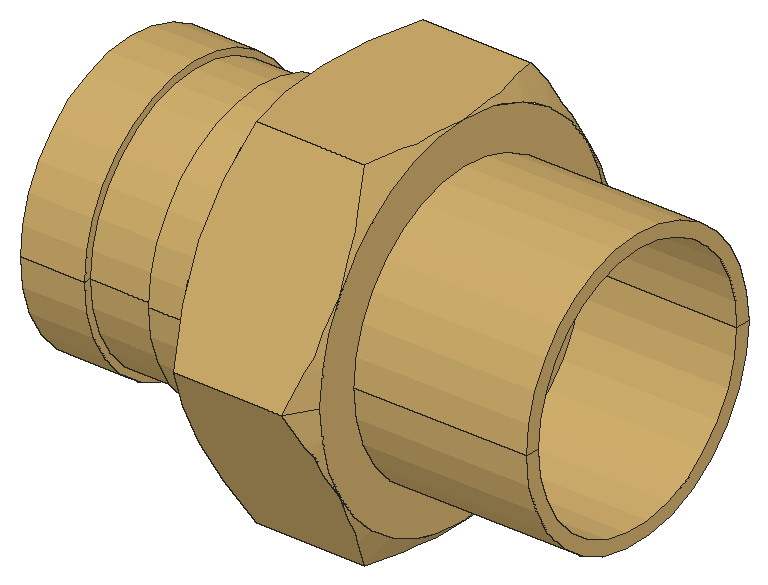
Revit family "PEX_Conector_Mach", category Pipe Fittings, Revit 2025
Family settings
  Round Connector Dimension = Use Radius
  Part Type = Cap
  OmniClass Number = 23.60.30.11.14
  OmniClass Title = Pipework Fittings
  Work Plane-Based = No
  Always vertical = Yes
  Cut with Voids When Loaded = No
  Shared = No
Parameters
  URL = "https://www.ultrapex.com.br/_files/ugd/9f3173_32d47a29bbff48b5af4781a5d529eee8.pdf"
  ULTRAPEX: Versão = "01"  # constant formula
  ULTRAPEX: Norma Técnica = "NBR 15939"  # constant formula
  ULTRAPEX: Descrição [instance] = size_lookup(LookupTable, "DES", "Produto Inexistente", DN1, DN2)  # "Conector Macho 16x1/2\" - ULTRAPEX"
  ULTRAPEX: Código [instance] = size_lookup(LookupTable, "COD", 0, DN1, DN2)  # 9031612
  Type Image = Conector Macho.jpg
  RN2 [instance] = 10 mm
  RN1 [instance] = 8 mm
  Material = Latão - Ultrapex
  LookupTable [instance] = "Conector Macho - ULTRAPEX"
  Lado Conector [instance] = 2 * ((Cota A / 2) * cos(60.00°))  # 15.05 mm
  IfcExportAs = "IfcPipeFittingType.CONNECTOR"  # constant formula
  Manufacturer = "UltraPEX"  # constant formula
  Default Elevation = 0 mm
  Description = "Conector Macho - ULTRAPEX"
  RR2 [instance] = DN2 / 2  # 10.05 mm
  DN3 [instance] = ((Cota A / 2) * sin(60.00°))  # 13.034 mm
  DN2 Nominal [instance] = RN2 * 2  # 20 mm
  DN2 [instance] = if(DN2 Nominal = 20 mm, 20.1 mm, if(DN2 Nominal = 25 mm, 26.4 mm, if(DN2 Nominal = 32 mm, 33.4 mm, 20 mm)))  # 20.1 mm
  DN1 [instance] = RN1 * 2  # 16 mm
  Cota E [instance] = Cota B - Cota C - Cota D  # 10.2 mm
  Cota D [instance] = size_lookup(LookupTable, "D", 14 mm, DN1)  # 14 mm
  Cota C [instance] = size_lookup(LookupTable, "C", 12.6 mm, DN1, DN2)  # 12.6 mm
  Cota B [instance] = size_lookup(LookupTable, "B", 36.8 mm, DN1, DN2)  # 36.8 mm
  Cota A [instance] = size_lookup(LookupTable, "A", 25.6 mm, DN1, DN2)  # 30.1 mm
Reference planes
  plane 1 "Centro (Frente/Trás)": y = 0
  plane 2: z = 0
  plane 3 "Centro (Esquerda/Direita)": x = 0
  plane 4: x = 10.2
  plane 5: x = 22.8
Forms (mm)
  Revolve 1, solid, material "Latão - Ultrapex" <- "Material", detail levels fine
    sketch origin (17.307, 0, 0) x (0, 1, 0) y (-1, 0, 0)
      loop
        line (10.05, -5.493) -> (10.05, 7.107) -> (0, 7.107) -> (0, 5.822) -> (9.05, 5.822) -> (9.05, -5.493) -> (10.05, -5.493)
      axis (0, 7.107) -> (0, -5.493)
    angle from 0 to 360
  Extrusion 2, solid, material "Latão - Ultrapex" <- "Material", detail levels fine
    sketch origin (0, 0, 0) x (0, 1, 0) y (0, 0, 1)
      loop
        line (7.525, -13.034) -> (15.05, 0) -> (7.525, 13.034) -> (-7.525, 13.034) -> (-15.05, 0) -> (-7.525, -13.034) -> (7.525, -13.034)
    from 0 to 10.2 <- "Cota E"
  Sweep 3, void, detail levels fine
    path origin (0, 0, 0) x (0, 1, 0) y (0, 0, 1)
      loop
        circle (0, 0) r 13.034
    profile origin (0, 0, 13.034) x (0, 0, -1) y (1, 0, 0)
      loop
        line (2.015, -1.163) -> (-3.182, 1.837) -> (-3.182, -1.163) -> (2.015, -1.163)
  Sweep 4, void, detail levels fine
    path origin (10.2, -10.707, 4000) x (0, -1, 0) y (0, 0, 1)
      loop
        circle (-10.707, -4000) r 13.034
    profile origin (10.2, 0, -13.034) x (0, 0, -1) y (-1, 0, 0)
      loop
        line (-2.015, -1.163) -> (3.509, -1.163) -> (3.509, 2.026) -> (-2.015, -1.163)
Cuts and joins
  Sweep 3, Sweep 4 cuts Extrusion 2
Lines and regions (mm)
  model lines, style "PipeFittingCenterLine", detail levels coarse+medium
    curve 1: line (22.8, 0, 0) -> (0, 0, 0)
Dimensions and locks
  "Lado Conector": Extrusion 2 sketch curve to Extrusion 2 sketch curve  (x5)
  Extrusion 2 sketch curve to Extrusion 2 sketch curve = 15.05 mm
  "Cota C": plane 4 to plane 5
  locked: plane 4 to Revolve 1 sketch curve at 1.285
  equal spacing: Extrusion 2 sketch curve, plane 2, Extrusion 2 sketch curve
  locked: Revolve 1 sketch curve to Revolve 1 sketch curve at 1
  "Cota E": plane 3 "Centro (Esquerda/Direita)" to plane 4
  equal spacing: Extrusion 2 sketch curve, plane 1 "Centro (Frente/Trás)", Extrusion 2 sketch curve
  "RR2": plane 1 "Centro (Frente/Trás)" to Revolve 1 sketch curve
  "DN3": radius of Sweep 3 sketch curve
  "DN3": radius of Sweep 4 sketch curve
  locked: Extrusion 2 sketch curve to Extrusion 2 sketch curve (angle 120.00°)  (x4)
  angle Extrusion 2 sketch curve to Extrusion 2 sketch curve = 120.00°
  aligned and locked: plane 2 to level
  aligned and locked: plane 4 to Revolve 1 sketch curve
  aligned and locked: plane 5 to curve 1
  aligned and locked: plane 1 "Centro (Frente/Trás)" to curve 1
  aligned and locked: Revolve 1 sketch curve to plane 5
  aligned and locked: plane 3 "Centro (Esquerda/Direita)" to nested 1
Automatic sketch dimensions
  curve 1 to plane 3 "Centro (Esquerda/Direita)" = 0 mm
  profile plane to Sweep 3 sketch curve = 3.182 mm
  Sweep 3 sketch curve to profile plane = 2.015 mm
  Sweep 3 sketch curve to profile plane = 1.163 mm
  profile plane to Sweep 3 sketch curve = 1.837 mm
  profile plane to Sweep 4 sketch curve = 2.015 mm
  Sweep 4 sketch curve to profile plane = 1.163 mm
  Sweep 4 sketch curve to profile plane = 3.509 mm
  profile plane to Sweep 4 sketch curve = 2.026 mm
  plane 1 "Centro (Frente/Trás)" to Revolve 1 sketch curve = 0 mm  (x2)
  Revolve 1 sketch curve to plane 4 = 0 mm
  Revolve 1 sketch curve to plane 5 = 0.184 mm
  Extrusion 2 sketch curve to level = 0 mm
  Sweep 3 sketch curve to level = 0 mm
  Sweep 3 sketch curve to plane 1 "Centro (Frente/Trás)" = 0 mm
  Sweep 4 sketch curve to level = 0 mm
  Sweep 4 sketch curve to plane 1 "Centro (Frente/Trás)" = 0 mm
Nested families
  nested 1: "Anel Deslizante - ULTRAPEX" at (0, 0, 0) x (0, 1, 0) z (0, 0, 1), Diâmetro Nominal <- "DN1", type "Anel Deslizante - ULTRAPEX"
    with ULTRAPEX: Descrição "Anel Deslizante 16 mm - ULTRAPEX", ULTRAPEX: Código 9040016, Diâmetro Nominal 16 mm, DN 16 mm, Cota C 4.667 mm, Cota B 14 mm, Cota A 20 mm
Connectors
  piping at (0, 0, 0), diameter 16, driven by "RN1"
    settings: on nested 1, index 1, connector inside diameter 609.6 mm, connector length 0 mm, flow factor 0, pipe flow 0.0 L/s, pressure drop 0.0 Pa, fitting loss kfactor 0, connector angle 0.00°, fixture units 0, engagement length 0 mm, angle of deflection 0.00°, flow configuration 0, flow direction 0, fitting loss method 0, system type 28, joint type 0, gender type 0, connector reference index 2, connector utility 0, adjustable connector no, is connector primary yes, connector description ""
  piping at (22.8, 0, 0), diameter 20, driven by "RN2"
    settings: on Revolve 1, index 2, connector inside diameter 609.6 mm, connector length 0 mm, flow factor 0, pipe flow 0.0 L/s, pressure drop 0.0 Pa, fitting loss kfactor 0, connector angle 0.00°, fixture units 0, engagement length 0 mm, angle of deflection 0.00°, flow configuration 0, flow direction 0, fitting loss method 0, system type 28, joint type 0, gender type 0, connector reference index 1, connector utility 0, adjustable connector no, is connector primary no, connector description ""
Definition of nested family "Anel Deslizante - ULTRAPEX"
  Parameters (values of type "ANEL DESLIZANTE 16mm")
    URL = "https://www.ultrapex.com.br/_files/ugd/9f3173_32d47a29bbff48b5af4781a5d529eee8.pdf"
    ULTRAPEX: Versão = "00"  # constant formula
    ULTRAPEX: Norma Técnica = "NBR 15939"  # constant formula
    ULTRAPEX: Descrição [instance] = size_lookup(LookupTable, "DES", "Produto Inexistente", Diâmetro Nominal)  # "Anel Deslizante 16 mm - ULTRAPEX"
    ULTRAPEX: Código [instance] = size_lookup(LookupTable, "COD", 0, Diâmetro Nominal)  # 9040016
    Type Image = element 360694
    Material = none
    LookupTable = "Anel Deslizante - ULTRAPEX"  # constant formula
    IfcExportAs = "IfcPipeFittingType.CONNECTOR"  # constant formula
    Manufacturer = "UltraPEX"  # constant formula
    Default Elevation = 0 mm
    Diâmetro Nominal [instance] = 16 mm
    Description = "Anel Deslizante - ULTRAPEX"
    DN [instance] = size_lookup(LookupTable, "DN", 16 mm, Diâmetro Nominal)  # 16 mm
    Cota C [instance] = Cota B / 3  # 4.667 mm
    Cota B [instance] = size_lookup(LookupTable, "B", 14 mm, Diâmetro Nominal)  # 14 mm
    Cota A [instance] = size_lookup(LookupTable, "A", 20 mm, Diâmetro Nominal)  # 20 mm
  Reference planes
    plane 1 "Centro (Frente/Trás)": y = 0
    plane 2: z = 0
    plane 3 "Centro (Esquerda/Direita)": x = 0
    plane 4: x = 8
    plane 5: x = -8
    plane 6: x = -10
    plane 7: x = 10
    plane 8: y = 14
  Forms (mm)
    Revolve 1, solid, material <- "Material", detail levels fine
      sketch origin (0, 0, 0) x (1, 0, 0) y (0, 1, 0)
        loop
          line (10, 0) -> (10, 14) -> (8, 14) -> (8, 0) -> (10, 0)
        axis (0, 0) -> (0, 14)
      angle from 0 to 360
    Revolve 2, void
      sketch origin (0, 0, 0) x (1, 0, 0) y (0, 1, 0)
        loop
          line (-10.952, 9.333) -> (-10.952, 4.667) -> (-9.524, 4.667) -> (-9.524, 9.333) -> (-10.952, 9.333)
        axis (0, 4.667) -> (0, 9.333)
      angle from 0 to 360
  Cuts and joins
    Revolve 2 cuts Revolve 1
  Lines and regions (mm)
    model lines, detail levels coarse+medium
      curve 1: line (0, 0, 0) -> (0, 14, 0)
  Dimensions and locks
    "DN": plane 5 to plane 4
    "Cota A": plane 6 to plane 7
    equal spacing: plane 6, plane 3 "Centro (Esquerda/Direita)", plane 7
    equal spacing: plane 5, plane 3 "Centro (Esquerda/Direita)", plane 4
    "Cota B": plane 1 "Centro (Frente/Trás)" to plane 8
    "Cota C": Revolve 2 sketch curve to plane 8
    "Cota C": plane 1 "Centro (Frente/Trás)" to Revolve 2 sketch curve
    locked: plane 6 to Revolve 2 sketch curve at 0.476
    locked: Revolve 2 sketch curve to Revolve 2 sketch curve at 1.428
    aligned and locked: level to plane 2
    aligned and locked: plane 3 "Centro (Esquerda/Direita)" to Revolve 1 sketch curve
    aligned and locked: Revolve 1 sketch curve to plane 7
    aligned and locked: plane 4 to Revolve 1 sketch curve
    aligned and locked: plane 1 "Centro (Frente/Trás)" to Revolve 1 sketch curve
    aligned and locked: plane 8 to Revolve 1 sketch curve
    aligned and locked: plane 8 to curve 1
    aligned and locked: plane 1 "Centro (Frente/Trás)" to curve 1
  Automatic sketch dimensions
    plane 1 "Centro (Frente/Trás)" to Revolve 1 sketch curve = 0 mm
    Revolve 1 sketch curve to Revolve 1 sketch curve = 0 mm
    curve 1 to plane 3 "Centro (Esquerda/Direita)" = 0 mm
    Revolve 2 sketch curve to plane 3 "Centro (Esquerda/Direita)" = 0 mm
    plane 1 "Centro (Frente/Trás)" to Revolve 2 sketch curve = 0 mm
    plane 8 to Revolve 2 sketch curve = 2.253 mm
